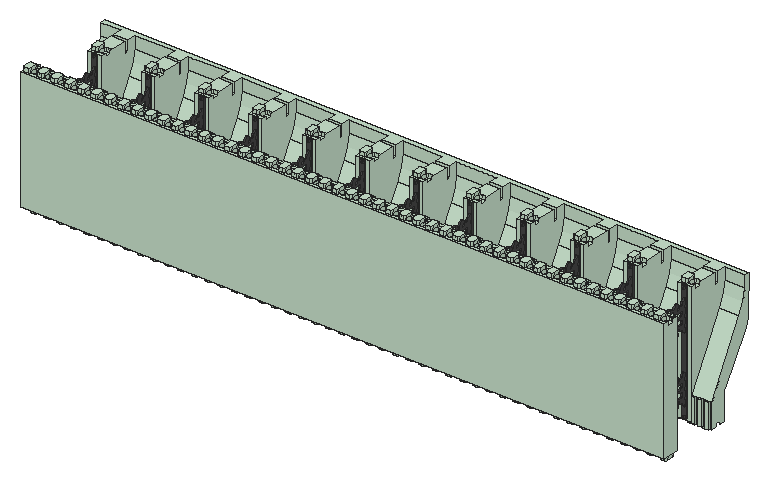
Revit family (continued)
Forms (in)
  Extrusion 50, void
    sketch origin (94, 0, 0) x (-1, 0, 0) y (0, -1, 0)
      loop
        arc (1.17308, -3.73905) -> (1.04785, -3.82983) -> (1, -3.97692) r 0.25
        line (1, -3.97692) -> (1, -4.89808)
    from 18 to 17.5
  Extrusion 51, void
    sketch origin (86, 0, 0) x (-1, 0, 0) y (0, -1, 0)
      loop
        arc (1, -4.89808) -> (1.04785, -5.04517) -> (1.17308, -5.13595) r 0.25
        arc (1.17308, -5.13595) -> (1.5, -5.1875) -> (1.82692, -5.13595) r 1.0625
        arc (1.82692, -5.13595) -> (1.95215, -5.04517) -> (2, -4.89808) r 0.25
        line (2, -4.89808) -> (2, -3.97692)
        arc (2, -3.97692) -> (1.98276, -3.88568) -> (1.9334, -3.80702) r 0.25
        arc (1.9334, -3.80702) -> (1.92106, -3.78736) -> (1.91675, -3.76455) r 0.0625
        line (1.91675, -3.76455) -> (1.91675, -3.41845) -> (1.74592, -3.41845) -> (1.74592, -3.64005)
        arc (1.74592, -3.64005) -> (1.72385, -3.68771) -> (1.67323, -3.70172) r 0.0625
        arc (1.67323, -3.70172) -> (1.42092, -3.69045) -> (1.17308, -3.73905) r 1.0625
        arc (1.17308, -3.73905) -> (1.04785, -3.82983) -> (1, -3.97692) r 0.25
        line (1, -3.97692) -> (1, -4.89808)
    from 18 to 17.5
  Extrusion 52, void
    sketch origin (78, 0, 0) x (-1, 0, 0) y (0, -1, 0)
      loop
        arc (1, -4.89808) -> (1.04785, -5.04517) -> (1.17308, -5.13595) r 0.25
        arc (1.17308, -5.13595) -> (1.5, -5.1875) -> (1.82692, -5.13595) r 1.0625
        arc (1.82692, -5.13595) -> (1.95215, -5.04517) -> (2, -4.89808) r 0.25
        line (2, -4.89808) -> (2, -3.97692)
        arc (2, -3.97692) -> (1.98276, -3.88568) -> (1.9334, -3.80702) r 0.25
        arc (1.9334, -3.80702) -> (1.92106, -3.78736) -> (1.91675, -3.76455) r 0.0625
        line (1.91675, -3.76455) -> (1.91675, -3.41845) -> (1.74592, -3.41845) -> (1.74592, -3.64005)
        arc (1.74592, -3.64005) -> (1.72385, -3.68771) -> (1.67323, -3.70172) r 0.0625
        arc (1.67323, -3.70172) -> (1.42092, -3.69045) -> (1.17308, -3.73905) r 1.0625
        arc (1.17308, -3.73905) -> (1.04785, -3.82983) -> (1, -3.97692) r 0.25
        line (1, -3.97692) -> (1, -4.89808)
    from 18 to 17.5
  Extrusion 53, void
    sketch origin (70, 0, 0) x (-1, 0, 0) y (0, -1, 0)
      loop
        arc (1, -4.89808) -> (1.04785, -5.04517) -> (1.17308, -5.13595) r 0.25
        arc (1.17308, -5.13595) -> (1.5, -5.1875) -> (1.82692, -5.13595) r 1.0625
        arc (1.82692, -5.13595) -> (1.95215, -5.04517) -> (2, -4.89808) r 0.25
        line (2, -4.89808) -> (2, -3.97692)
        arc (2, -3.97692) -> (1.98276, -3.88568) -> (1.9334, -3.80702) r 0.25
        arc (1.9334, -3.80702) -> (1.92106, -3.78736) -> (1.91675, -3.76455) r 0.0625
        line (1.91675, -3.76455) -> (1.91675, -3.41845) -> (1.74592, -3.41845) -> (1.74592, -3.64005)
        arc (1.74592, -3.64005) -> (1.72385, -3.68771) -> (1.67323, -3.70172) r 0.0625
        arc (1.67323, -3.70172) -> (1.42092, -3.69045) -> (1.17308, -3.73905) r 1.0625
        arc (1.17308, -3.73905) -> (1.04785, -3.82983) -> (1, -3.97692) r 0.25
        line (1, -3.97692) -> (1, -4.89808)
    from 18 to 17.5
  Extrusion 54, void
    sketch origin (62, 0, 0) x (-1, 0, 0) y (0, -1, 0)
      loop
        arc (1, -4.89808) -> (1.04785, -5.04517) -> (1.17308, -5.13595) r 0.25
        arc (1.17308, -5.13595) -> (1.5, -5.1875) -> (1.82692, -5.13595) r 1.0625
        arc (1.82692, -5.13595) -> (1.95215, -5.04517) -> (2, -4.89808) r 0.25
        line (2, -4.89808) -> (2, -3.97692)
        arc (2, -3.97692) -> (1.98276, -3.88568) -> (1.9334, -3.80702) r 0.25
        arc (1.9334, -3.80702) -> (1.92106, -3.78736) -> (1.91675, -3.76455) r 0.0625
        line (1.91675, -3.76455) -> (1.91675, -3.41845) -> (1.74592, -3.41845) -> (1.74592, -3.64005)
        arc (1.74592, -3.64005) -> (1.72385, -3.68771) -> (1.67323, -3.70172) r 0.0625
        arc (1.67323, -3.70172) -> (1.42092, -3.69045) -> (1.17308, -3.73905) r 1.0625
        arc (1.17308, -3.73905) -> (1.04785, -3.82983) -> (1, -3.97692) r 0.25
        line (1, -3.97692) -> (1, -4.89808)
    from 18 to 17.5
  Extrusion 55, void
    sketch origin (54, 0, 0) x (-1, 0, 0) y (0, -1, 0)
      loop
        arc (1, -4.89808) -> (1.04785, -5.04517) -> (1.17308, -5.13595) r 0.25
        arc (1.17308, -5.13595) -> (1.5, -5.1875) -> (1.82692, -5.13595) r 1.0625
        arc (1.82692, -5.13595) -> (1.95215, -5.04517) -> (2, -4.89808) r 0.25
        line (2, -4.89808) -> (2, -3.97692)
        arc (2, -3.97692) -> (1.98276, -3.88568) -> (1.9334, -3.80702) r 0.25
        arc (1.9334, -3.80702) -> (1.92106, -3.78736) -> (1.91675, -3.76455) r 0.0625
        line (1.91675, -3.76455) -> (1.91675, -3.41845) -> (1.74592, -3.41845) -> (1.74592, -3.64005)
        arc (1.74592, -3.64005) -> (1.72385, -3.68771) -> (1.67323, -3.70172) r 0.0625
        arc (1.67323, -3.70172) -> (1.42092, -3.69045) -> (1.17308, -3.73905) r 1.0625
        arc (1.17308, -3.73905) -> (1.04785, -3.82983) -> (1, -3.97692) r 0.25
        line (1, -3.97692) -> (1, -4.89808)
    from 18 to 17.5
  Extrusion 56, void
    sketch origin (46, 0, 0) x (-1, 0, 0) y (0, -1, 0)
      loop
        arc (1, -4.89808) -> (1.04785, -5.04517) -> (1.17308, -5.13595) r 0.25
        arc (1.17308, -5.13595) -> (1.5, -5.1875) -> (1.82692, -5.13595) r 1.0625
        arc (1.82692, -5.13595) -> (1.95215, -5.04517) -> (2, -4.89808) r 0.25
        line (2, -4.89808) -> (2, -3.97692)
        arc (2, -3.97692) -> (1.98276, -3.88568) -> (1.9334, -3.80702) r 0.25
        arc (1.9334, -3.80702) -> (1.92106, -3.78736) -> (1.91675, -3.76455) r 0.0625
        line (1.91675, -3.76455) -> (1.91675, -3.41845) -> (1.74592, -3.41845) -> (1.74592, -3.64005)
        arc (1.74592, -3.64005) -> (1.72385, -3.68771) -> (1.67323, -3.70172) r 0.0625
        arc (1.67323, -3.70172) -> (1.42092, -3.69045) -> (1.17308, -3.73905) r 1.0625
        arc (1.17308, -3.73905) -> (1.04785, -3.82983) -> (1, -3.97692) r 0.25
        line (1, -3.97692) -> (1, -4.89808)
    from 18 to 17.5
  Extrusion 57, void
    sketch origin (38, 0, 0) x (-1, 0, 0) y (0, -1, 0)
      loop
        arc (1, -4.89808) -> (1.04785, -5.04517) -> (1.17308, -5.13595) r 0.25
        arc (1.17308, -5.13595) -> (1.5, -5.1875) -> (1.82692, -5.13595) r 1.0625
        arc (1.82692, -5.13595) -> (1.95215, -5.04517) -> (2, -4.89808) r 0.25
        line (2, -4.89808) -> (2, -3.97692)
        arc (2, -3.97692) -> (1.98276, -3.88568) -> (1.9334, -3.80702) r 0.25
        arc (1.9334, -3.80702) -> (1.92106, -3.78736) -> (1.91675, -3.76455) r 0.0625
        line (1.91675, -3.76455) -> (1.91675, -3.41845) -> (1.74592, -3.41845) -> (1.74592, -3.64005)
        arc (1.74592, -3.64005) -> (1.72385, -3.68771) -> (1.67323, -3.70172) r 0.0625
        arc (1.67323, -3.70172) -> (1.42092, -3.69045) -> (1.17308, -3.73905) r 1.0625
        arc (1.17308, -3.73905) -> (1.04785, -3.82983) -> (1, -3.97692) r 0.25
        line (1, -3.97692) -> (1, -4.89808)
    from 18 to 17.5
  Extrusion 58, void
    sketch origin (30, 0, 0) x (-1, 0, 0) y (0, -1, 0)
      loop
        arc (1, -4.89808) -> (1.04785, -5.04517) -> (1.17308, -5.13595) r 0.25
        arc (1.17308, -5.13595) -> (1.5, -5.1875) -> (1.82692, -5.13595) r 1.0625
        arc (1.82692, -5.13595) -> (1.95215, -5.04517) -> (2, -4.89808) r 0.25
        line (2, -4.89808) -> (2, -3.97692)
        arc (2, -3.97692) -> (1.98276, -3.88568) -> (1.9334, -3.80702) r 0.25
        arc (1.9334, -3.80702) -> (1.92106, -3.78736) -> (1.91675, -3.76455) r 0.0625
        line (1.91675, -3.76455) -> (1.91675, -3.41845) -> (1.74592, -3.41845) -> (1.74592, -3.64005)
        arc (1.74592, -3.64005) -> (1.72385, -3.68771) -> (1.67323, -3.70172) r 0.0625
        arc (1.67323, -3.70172) -> (1.42092, -3.69045) -> (1.17308, -3.73905) r 1.0625
        arc (1.17308, -3.73905) -> (1.04785, -3.82983) -> (1, -3.97692) r 0.25
        line (1, -3.97692) -> (1, -4.89808)
    from 18 to 17.5
  Extrusion 59, void
    sketch origin (22, 0, 0) x (-1, 0, 0) y (0, -1, 0)
      loop
        arc (1, -4.89808) -> (1.04785, -5.04517) -> (1.17308, -5.13595) r 0.25
        arc (1.17308, -5.13595) -> (1.5, -5.1875) -> (1.82692, -5.13595) r 1.0625
        arc (1.82692, -5.13595) -> (1.95215, -5.04517) -> (2, -4.89808) r 0.25
        line (2, -4.89808) -> (2, -3.97692)
        arc (2, -3.97692) -> (1.98276, -3.88568) -> (1.9334, -3.80702) r 0.25
        arc (1.9334, -3.80702) -> (1.92106, -3.78736) -> (1.91675, -3.76455) r 0.0625
        line (1.91675, -3.76455) -> (1.91675, -3.41845) -> (1.74592, -3.41845) -> (1.74592, -3.64005)
        arc (1.74592, -3.64005) -> (1.72385, -3.68771) -> (1.67323, -3.70172) r 0.0625
        arc (1.67323, -3.70172) -> (1.42092, -3.69045) -> (1.17308, -3.73905) r 1.0625
        arc (1.17308, -3.73905) -> (1.04785, -3.82983) -> (1, -3.97692) r 0.25
        line (1, -3.97692) -> (1, -4.89808)
    from 18 to 17.5
  Extrusion 60, void
    sketch origin (14, 0, 0) x (-1, 0, 0) y (0, -1, 0)
      loop
        arc (1, -4.89808) -> (1.04785, -5.04517) -> (1.17308, -5.13595) r 0.25
        arc (1.17308, -5.13595) -> (1.5, -5.1875) -> (1.82692, -5.13595) r 1.0625
        arc (1.82692, -5.13595) -> (1.95215, -5.04517) -> (2, -4.89808) r 0.25
        line (2, -4.89808) -> (2, -3.97692)
        arc (2, -3.97692) -> (1.98276, -3.88568) -> (1.9334, -3.80702) r 0.25
        arc (1.9334, -3.80702) -> (1.92106, -3.78736) -> (1.91675, -3.76455) r 0.0625
        line (1.91675, -3.76455) -> (1.91675, -3.41845) -> (1.74592, -3.41845) -> (1.74592, -3.64005)
        arc (1.74592, -3.64005) -> (1.72385, -3.68771) -> (1.67323, -3.70172) r 0.0625
        arc (1.67323, -3.70172) -> (1.42092, -3.69045) -> (1.17308, -3.73905) r 1.0625
        arc (1.17308, -3.73905) -> (1.04785, -3.82983) -> (1, -3.97692) r 0.25
        line (1, -3.97692) -> (1, -4.89808)
    from 18 to 17.5
  Extrusion 61, void
    sketch origin (6, 0, 0) x (-1, 0, 0) y (0, -1, 0)
      loop
        arc (1, -4.89808) -> (1.04785, -5.04517) -> (1.17308, -5.13595) r 0.25
        arc (1.17308, -5.13595) -> (1.5, -5.1875) -> (1.82692, -5.13595) r 1.0625
        arc (1.82692, -5.13595) -> (1.95215, -5.04517) -> (2, -4.89808) r 0.25
        line (2, -4.89808) -> (2, -3.97692)
        arc (2, -3.97692) -> (1.98276, -3.88568) -> (1.9334, -3.80702) r 0.25
        arc (1.9334, -3.80702) -> (1.92106, -3.78736) -> (1.91675, -3.76455) r 0.0625
        line (1.91675, -3.76455) -> (1.91675, -3.41845) -> (1.74592, -3.41845) -> (1.74592, -3.64005)
        arc (1.74592, -3.64005) -> (1.72385, -3.68771) -> (1.67323, -3.70172) r 0.0625
        arc (1.67323, -3.70172) -> (1.42092, -3.69045) -> (1.17308, -3.73905) r 1.0625
        arc (1.17308, -3.73905) -> (1.04785, -3.82983) -> (1, -3.97692) r 0.25
        line (1, -3.97692) -> (1, -4.89808)
    from 18 to 17.5
  Extrusion 62, void
    sketch origin (2, 0, 0) x (-1, 0, 0) y (0, -1, 0)
      loop
        line (1, 4.89808) -> (1, 3.97692)
        arc (1, 3.97692) -> (1.04785, 3.82983) -> (1.17308, 3.73905) r 0.25
        arc (1.17308, 3.73905) -> (1.42092, 3.69045) -> (1.67323, 3.70172) r 1.0625
        arc (1.67323, 3.70172) -> (1.72385, 3.68771) -> (1.74592, 3.64005) r 0.0625
        line (1.74592, 3.64005) -> (1.74592, 3.41845) -> (1.91675, 3.41845) -> (1.91675, 3.76455)
        arc (1.91675, 3.76455) -> (1.92106, 3.78736) -> (1.9334, 3.80702) r 0.0625
        arc (1.9334, 3.80702) -> (1.98276, 3.88568) -> (2, 3.97692) r 0.25
        line (2, 3.97692) -> (2, 4.89808)
        arc (2, 4.89808) -> (1.95215, 5.04517) -> (1.82692, 5.13595) r 0.25
        arc (1.82692, 5.13595) -> (1.5, 5.1875) -> (1.17308, 5.13595) r 1.0625
        arc (1.17308, 5.13595) -> (1.04785, 5.04517) -> (1, 4.89808) r 0.25
    from 0 to 0.5
  Extrusion 63, void
    sketch origin (4, 0, 0) x (-1, 0, 0) y (0, -1, 0)
      loop
        line (1, 4.89808) -> (1, 3.97692)
        arc (1, 3.97692) -> (1.04785, 3.82983) -> (1.17308, 3.73905) r 0.25
        arc (1.17308, 3.73905) -> (1.42092, 3.69045) -> (1.67323, 3.70172) r 1.0625
        arc (1.67323, 3.70172) -> (1.72385, 3.68771) -> (1.74592, 3.64005) r 0.0625
        line (1.74592, 3.64005) -> (1.74592, 3.41845) -> (1.91675, 3.41845) -> (1.91675, 3.76455)
        arc (1.91675, 3.76455) -> (1.92106, 3.78736) -> (1.9334, 3.80702) r 0.0625
        arc (1.9334, 3.80702) -> (1.98276, 3.88568) -> (2, 3.97692) r 0.25
        line (2, 3.97692) -> (2, 4.89808)
        arc (2, 4.89808) -> (1.95215, 5.04517) -> (1.82692, 5.13595) r 0.25
        arc (1.82692, 5.13595) -> (1.5, 5.1875) -> (1.17308, 5.13595) r 1.0625
        arc (1.17308, 5.13595) -> (1.04785, 5.04517) -> (1, 4.89808) r 0.25
    from 0 to 0.5
  Extrusion 64, void
    sketch origin (6, 0, 0) x (-1, 0, 0) y (0, -1, 0)
      loop
        line (1, 4.89808) -> (1, 3.97692)
        arc (1, 3.97692) -> (1.04785, 3.82983) -> (1.17308, 3.73905) r 0.25
        arc (1.17308, 3.73905) -> (1.42092, 3.69045) -> (1.67323, 3.70172) r 1.0625
        arc (1.67323, 3.70172) -> (1.72385, 3.68771) -> (1.74592, 3.64005) r 0.0625
        line (1.74592, 3.64005) -> (1.74592, 3.41845) -> (1.91675, 3.41845) -> (1.91675, 3.76455)
        arc (1.91675, 3.76455) -> (1.92106, 3.78736) -> (1.9334, 3.80702) r 0.0625
        arc (1.9334, 3.80702) -> (1.98276, 3.88568) -> (2, 3.97692) r 0.25
        line (2, 3.97692) -> (2, 4.89808)
        arc (2, 4.89808) -> (1.95215, 5.04517) -> (1.82692, 5.13595) r 0.25
        arc (1.82692, 5.13595) -> (1.5, 5.1875) -> (1.17308, 5.13595) r 1.0625
        arc (1.17308, 5.13595) -> (1.04785, 5.04517) -> (1, 4.89808) r 0.25
    from 0 to 0.5
  Extrusion 65, void
    sketch origin (8, 0, 0) x (-1, 0, 0) y (0, -1, 0)
      loop
        line (1, 4.89808) -> (1, 3.97692)
        arc (1, 3.97692) -> (1.04785, 3.82983) -> (1.17308, 3.73905) r 0.25
        arc (1.17308, 3.73905) -> (1.42092, 3.69045) -> (1.67323, 3.70172) r 1.0625
        arc (1.67323, 3.70172) -> (1.72385, 3.68771) -> (1.74592, 3.64005) r 0.0625
        line (1.74592, 3.64005) -> (1.74592, 3.41845) -> (1.91675, 3.41845) -> (1.91675, 3.76455)
        arc (1.91675, 3.76455) -> (1.92106, 3.78736) -> (1.9334, 3.80702) r 0.0625
        arc (1.9334, 3.80702) -> (1.98276, 3.88568) -> (2, 3.97692) r 0.25
        line (2, 3.97692) -> (2, 4.89808)
        arc (2, 4.89808) -> (1.95215, 5.04517) -> (1.82692, 5.13595) r 0.25
        arc (1.82692, 5.13595) -> (1.5, 5.1875) -> (1.17308, 5.13595) r 1.0625
        arc (1.17308, 5.13595) -> (1.04785, 5.04517) -> (1, 4.89808) r 0.25
    from 0 to 0.5
  Extrusion 66, void
    sketch origin (10, 0, 0) x (-1, 0, 0) y (0, -1, 0)
      loop
        line (1, 4.89808) -> (1, 3.97692)
        arc (1, 3.97692) -> (1.04785, 3.82983) -> (1.17308, 3.73905) r 0.25
        arc (1.17308, 3.73905) -> (1.42092, 3.69045) -> (1.67323, 3.70172) r 1.0625
        arc (1.67323, 3.70172) -> (1.72385, 3.68771) -> (1.74592, 3.64005) r 0.0625
        line (1.74592, 3.64005) -> (1.74592, 3.41845) -> (1.91675, 3.41845) -> (1.91675, 3.76455)
        arc (1.91675, 3.76455) -> (1.92106, 3.78736) -> (1.9334, 3.80702) r 0.0625
        arc (1.9334, 3.80702) -> (1.98276, 3.88568) -> (2, 3.97692) r 0.25
        line (2, 3.97692) -> (2, 4.89808)
        arc (2, 4.89808) -> (1.95215, 5.04517) -> (1.82692, 5.13595) r 0.25
        arc (1.82692, 5.13595) -> (1.5, 5.1875) -> (1.17308, 5.13595) r 1.0625
        arc (1.17308, 5.13595) -> (1.04785, 5.04517) -> (1, 4.89808) r 0.25
    from 0 to 0.5
  Extrusion 67, void
    sketch origin (12, 0, 0) x (-1, 0, 0) y (0, -1, 0)
      loop
        line (1, 4.89808) -> (1, 3.97692)
        arc (1, 3.97692) -> (1.04785, 3.82983) -> (1.17308, 3.73905) r 0.25
        arc (1.17308, 3.73905) -> (1.42092, 3.69045) -> (1.67323, 3.70172) r 1.0625
        arc (1.67323, 3.70172) -> (1.72385, 3.68771) -> (1.74592, 3.64005) r 0.0625
        line (1.74592, 3.64005) -> (1.74592, 3.41845) -> (1.91675, 3.41845) -> (1.91675, 3.76455)
        arc (1.91675, 3.76455) -> (1.92106, 3.78736) -> (1.9334, 3.80702) r 0.0625
        arc (1.9334, 3.80702) -> (1.98276, 3.88568) -> (2, 3.97692) r 0.25
        line (2, 3.97692) -> (2, 4.89808)
        arc (2, 4.89808) -> (1.95215, 5.04517) -> (1.82692, 5.13595) r 0.25
        arc (1.82692, 5.13595) -> (1.5, 5.1875) -> (1.17308, 5.13595) r 1.0625
        arc (1.17308, 5.13595) -> (1.04785, 5.04517) -> (1, 4.89808) r 0.25
    from 0 to 0.5
  Extrusion 68, void
    sketch origin (14, 0, 0) x (-1, 0, 0) y (0, -1, 0)
      loop
        line (1, 4.89808) -> (1, 3.97692)
        arc (1, 3.97692) -> (1.04785, 3.82983) -> (1.17308, 3.73905) r 0.25
        arc (1.17308, 3.73905) -> (1.42092, 3.69045) -> (1.67323, 3.70172) r 1.0625
        arc (1.67323, 3.70172) -> (1.72385, 3.68771) -> (1.74592, 3.64005) r 0.0625
        line (1.74592, 3.64005) -> (1.74592, 3.41845) -> (1.91675, 3.41845) -> (1.91675, 3.76455)
        arc (1.91675, 3.76455) -> (1.92106, 3.78736) -> (1.9334, 3.80702) r 0.0625
        arc (1.9334, 3.80702) -> (1.98276, 3.88568) -> (2, 3.97692) r 0.25
        line (2, 3.97692) -> (2, 4.89808)
        arc (2, 4.89808) -> (1.95215, 5.04517) -> (1.82692, 5.13595) r 0.25
        arc (1.82692, 5.13595) -> (1.5, 5.1875) -> (1.17308, 5.13595) r 1.0625
        arc (1.17308, 5.13595) -> (1.04785, 5.04517) -> (1, 4.89808) r 0.25
    from 0 to 0.5
  Extrusion 69, void
    sketch origin (16, 0, 0) x (-1, 0, 0) y (0, -1, 0)
      loop
        line (1, 4.89808) -> (1, 3.97692)
        arc (1, 3.97692) -> (1.04785, 3.82983) -> (1.17308, 3.73905) r 0.25
        arc (1.17308, 3.73905) -> (1.42092, 3.69045) -> (1.67323, 3.70172) r 1.0625
        arc (1.67323, 3.70172) -> (1.72385, 3.68771) -> (1.74592, 3.64005) r 0.0625
        line (1.74592, 3.64005) -> (1.74592, 3.41845) -> (1.91675, 3.41845) -> (1.91675, 3.76455)
        arc (1.91675, 3.76455) -> (1.92106, 3.78736) -> (1.9334, 3.80702) r 0.0625
        arc (1.9334, 3.80702) -> (1.98276, 3.88568) -> (2, 3.97692) r 0.25
        line (2, 3.97692) -> (2, 4.89808)
        arc (2, 4.89808) -> (1.95215, 5.04517) -> (1.82692, 5.13595) r 0.25
        arc (1.82692, 5.13595) -> (1.5, 5.1875) -> (1.17308, 5.13595) r 1.0625
        arc (1.17308, 5.13595) -> (1.04785, 5.04517) -> (1, 4.89808) r 0.25
    from 0 to 0.5
  Extrusion 70, void
    sketch origin (18, 0, 0) x (-1, 0, 0) y (0, -1, 0)
      loop
        line (1, 4.89808) -> (1, 3.97692)
        arc (1, 3.97692) -> (1.04785, 3.82983) -> (1.17308, 3.73905) r 0.25
        arc (1.17308, 3.73905) -> (1.42092, 3.69045) -> (1.67323, 3.70172) r 1.0625
        arc (1.67323, 3.70172) -> (1.72385, 3.68771) -> (1.74592, 3.64005) r 0.0625
        line (1.74592, 3.64005) -> (1.74592, 3.41845) -> (1.91675, 3.41845) -> (1.91675, 3.76455)
        arc (1.91675, 3.76455) -> (1.92106, 3.78736) -> (1.9334, 3.80702) r 0.0625
        arc (1.9334, 3.80702) -> (1.98276, 3.88568) -> (2, 3.97692) r 0.25
        line (2, 3.97692) -> (2, 4.89808)
        arc (2, 4.89808) -> (1.95215, 5.04517) -> (1.82692, 5.13595) r 0.25
        arc (1.82692, 5.13595) -> (1.5, 5.1875) -> (1.17308, 5.13595) r 1.0625
        arc (1.17308, 5.13595) -> (1.04785, 5.04517) -> (1, 4.89808) r 0.25
    from 0 to 0.5
  Extrusion 71, void
    sketch origin (20, 0, 0) x (-1, 0, 0) y (0, -1, 0)
      loop
        line (1, 4.89808) -> (1, 3.97692)
        arc (1, 3.97692) -> (1.04785, 3.82983) -> (1.17308, 3.73905) r 0.25
        arc (1.17308, 3.73905) -> (1.42092, 3.69045) -> (1.67323, 3.70172) r 1.0625
        arc (1.67323, 3.70172) -> (1.72385, 3.68771) -> (1.74592, 3.64005) r 0.0625
        line (1.74592, 3.64005) -> (1.74592, 3.41845) -> (1.91675, 3.41845) -> (1.91675, 3.76455)
        arc (1.91675, 3.76455) -> (1.92106, 3.78736) -> (1.9334, 3.80702) r 0.0625
        arc (1.9334, 3.80702) -> (1.98276, 3.88568) -> (2, 3.97692) r 0.25
        line (2, 3.97692) -> (2, 4.89808)
        arc (2, 4.89808) -> (1.95215, 5.04517) -> (1.82692, 5.13595) r 0.25
        arc (1.82692, 5.13595) -> (1.5, 5.1875) -> (1.17308, 5.13595) r 1.0625
        arc (1.17308, 5.13595) -> (1.04785, 5.04517) -> (1, 4.89808) r 0.25
    from 0 to 0.5
  Extrusion 72, void
    sketch origin (22, 0, 0) x (-1, 0, 0) y (0, -1, 0)
      loop
        line (1, 4.89808) -> (1, 3.97692)
        arc (1, 3.97692) -> (1.04785, 3.82983) -> (1.17308, 3.73905) r 0.25
        arc (1.17308, 3.73905) -> (1.42092, 3.69045) -> (1.67323, 3.70172) r 1.0625
        arc (1.67323, 3.70172) -> (1.72385, 3.68771) -> (1.74592, 3.64005) r 0.0625
        line (1.74592, 3.64005) -> (1.74592, 3.41845) -> (1.91675, 3.41845) -> (1.91675, 3.76455)
        arc (1.91675, 3.76455) -> (1.92106, 3.78736) -> (1.9334, 3.80702) r 0.0625
        arc (1.9334, 3.80702) -> (1.98276, 3.88568) -> (2, 3.97692) r 0.25
        line (2, 3.97692) -> (2, 4.89808)
        arc (2, 4.89808) -> (1.95215, 5.04517) -> (1.82692, 5.13595) r 0.25
        arc (1.82692, 5.13595) -> (1.5, 5.1875) -> (1.17308, 5.13595) r 1.0625
        arc (1.17308, 5.13595) -> (1.04785, 5.04517) -> (1, 4.89808) r 0.25
    from 0 to 0.5
  Extrusion 73, void
    sketch origin (24, 0, 0) x (-1, 0, 0) y (0, -1, 0)
      loop
        line (1, 4.89808) -> (1, 3.97692)
        arc (1, 3.97692) -> (1.04785, 3.82983) -> (1.17308, 3.73905) r 0.25
        arc (1.17308, 3.73905) -> (1.42092, 3.69045) -> (1.67323, 3.70172) r 1.0625
        arc (1.67323, 3.70172) -> (1.72385, 3.68771) -> (1.74592, 3.64005) r 0.0625
        line (1.74592, 3.64005) -> (1.74592, 3.41845) -> (1.91675, 3.41845) -> (1.91675, 3.76455)
        arc (1.91675, 3.76455) -> (1.92106, 3.78736) -> (1.9334, 3.80702) r 0.0625
        arc (1.9334, 3.80702) -> (1.98276, 3.88568) -> (2, 3.97692) r 0.25
        line (2, 3.97692) -> (2, 4.89808)
        arc (2, 4.89808) -> (1.95215, 5.04517) -> (1.82692, 5.13595) r 0.25
        arc (1.82692, 5.13595) -> (1.5, 5.1875) -> (1.17308, 5.13595) r 1.0625
        arc (1.17308, 5.13595) -> (1.04785, 5.04517) -> (1, 4.89808) r 0.25
    from 0 to 0.5
  Extrusion 74, void
    sketch origin (26, 0, 0) x (-1, 0, 0) y (0, -1, 0)
      loop
        line (1, 4.89808) -> (1, 3.97692)
        arc (1, 3.97692) -> (1.04785, 3.82983) -> (1.17308, 3.73905) r 0.25
        arc (1.17308, 3.73905) -> (1.42092, 3.69045) -> (1.67323, 3.70172) r 1.0625
        arc (1.67323, 3.70172) -> (1.72385, 3.68771) -> (1.74592, 3.64005) r 0.0625
        line (1.74592, 3.64005) -> (1.74592, 3.41845) -> (1.91675, 3.41845) -> (1.91675, 3.76455)
        arc (1.91675, 3.76455) -> (1.92106, 3.78736) -> (1.9334, 3.80702) r 0.0625
        arc (1.9334, 3.80702) -> (1.98276, 3.88568) -> (2, 3.97692) r 0.25
        line (2, 3.97692) -> (2, 4.89808)
        arc (2, 4.89808) -> (1.95215, 5.04517) -> (1.82692, 5.13595) r 0.25
        arc (1.82692, 5.13595) -> (1.5, 5.1875) -> (1.17308, 5.13595) r 1.0625
        arc (1.17308, 5.13595) -> (1.04785, 5.04517) -> (1, 4.89808) r 0.25
    from 0 to 0.5
  Extrusion 75, void
    sketch origin (28, 0, 0) x (-1, 0, 0) y (0, -1, 0)
      loop
        line (1, 4.89808) -> (1, 3.97692)
        arc (1, 3.97692) -> (1.04785, 3.82983) -> (1.17308, 3.73905) r 0.25
        arc (1.17308, 3.73905) -> (1.42092, 3.69045) -> (1.67323, 3.70172) r 1.0625
        arc (1.67323, 3.70172) -> (1.72385, 3.68771) -> (1.74592, 3.64005) r 0.0625
        line (1.74592, 3.64005) -> (1.74592, 3.41845) -> (1.91675, 3.41845) -> (1.91675, 3.76455)
        arc (1.91675, 3.76455) -> (1.92106, 3.78736) -> (1.9334, 3.80702) r 0.0625
        arc (1.9334, 3.80702) -> (1.98276, 3.88568) -> (2, 3.97692) r 0.25
        line (2, 3.97692) -> (2, 4.89808)
        arc (2, 4.89808) -> (1.95215, 5.04517) -> (1.82692, 5.13595) r 0.25
        arc (1.82692, 5.13595) -> (1.5, 5.1875) -> (1.17308, 5.13595) r 1.0625
        arc (1.17308, 5.13595) -> (1.04785, 5.04517) -> (1, 4.89808) r 0.25
    from 0 to 0.5
  Extrusion 76, void
    sketch origin (30, 0, 0) x (-1, 0, 0) y (0, -1, 0)
      loop
        line (1, 4.89808) -> (1, 3.97692)
        arc (1, 3.97692) -> (1.04785, 3.82983) -> (1.17308, 3.73905) r 0.25
        arc (1.17308, 3.73905) -> (1.42092, 3.69045) -> (1.67323, 3.70172) r 1.0625
        arc (1.67323, 3.70172) -> (1.72385, 3.68771) -> (1.74592, 3.64005) r 0.0625
        line (1.74592, 3.64005) -> (1.74592, 3.41845) -> (1.91675, 3.41845) -> (1.91675, 3.76455)
        arc (1.91675, 3.76455) -> (1.92106, 3.78736) -> (1.9334, 3.80702) r 0.0625
        arc (1.9334, 3.80702) -> (1.98276, 3.88568) -> (2, 3.97692) r 0.25
        line (2, 3.97692) -> (2, 4.89808)
        arc (2, 4.89808) -> (1.95215, 5.04517) -> (1.82692, 5.13595) r 0.25
        arc (1.82692, 5.13595) -> (1.5, 5.1875) -> (1.17308, 5.13595) r 1.0625
        arc (1.17308, 5.13595) -> (1.04785, 5.04517) -> (1, 4.89808) r 0.25
    from 0 to 0.5
  Extrusion 77, void
    sketch origin (32, 0, 0) x (-1, 0, 0) y (0, -1, 0)
      loop
        line (1, 4.89808) -> (1, 3.97692)
        arc (1, 3.97692) -> (1.04785, 3.82983) -> (1.17308, 3.73905) r 0.25
        arc (1.17308, 3.73905) -> (1.42092, 3.69045) -> (1.67323, 3.70172) r 1.0625
        arc (1.67323, 3.70172) -> (1.72385, 3.68771) -> (1.74592, 3.64005) r 0.0625
        line (1.74592, 3.64005) -> (1.74592, 3.41845) -> (1.91675, 3.41845) -> (1.91675, 3.76455)
        arc (1.91675, 3.76455) -> (1.92106, 3.78736) -> (1.9334, 3.80702) r 0.0625
        arc (1.9334, 3.80702) -> (1.98276, 3.88568) -> (2, 3.97692) r 0.25
        line (2, 3.97692) -> (2, 4.89808)
        arc (2, 4.89808) -> (1.95215, 5.04517) -> (1.82692, 5.13595) r 0.25
        arc (1.82692, 5.13595) -> (1.5, 5.1875) -> (1.17308, 5.13595) r 1.0625
        arc (1.17308, 5.13595) -> (1.04785, 5.04517) -> (1, 4.89808) r 0.25
    from 0 to 0.5
  Extrusion 78, void
    sketch origin (34, 0, 0) x (-1, 0, 0) y (0, -1, 0)
      loop
        line (1, 4.89808) -> (1, 3.97692)
        arc (1, 3.97692) -> (1.04785, 3.82983) -> (1.17308, 3.73905) r 0.25
        arc (1.17308, 3.73905) -> (1.42092, 3.69045) -> (1.67323, 3.70172) r 1.0625
        arc (1.67323, 3.70172) -> (1.72385, 3.68771) -> (1.74592, 3.64005) r 0.0625
        line (1.74592, 3.64005) -> (1.74592, 3.41845) -> (1.91675, 3.41845) -> (1.91675, 3.76455)
        arc (1.91675, 3.76455) -> (1.92106, 3.78736) -> (1.9334, 3.80702) r 0.0625
        arc (1.9334, 3.80702) -> (1.98276, 3.88568) -> (2, 3.97692) r 0.25
        line (2, 3.97692) -> (2, 4.89808)
        arc (2, 4.89808) -> (1.95215, 5.04517) -> (1.82692, 5.13595) r 0.25
        arc (1.82692, 5.13595) -> (1.5, 5.1875) -> (1.17308, 5.13595) r 1.0625
        arc (1.17308, 5.13595) -> (1.04785, 5.04517) -> (1, 4.89808) r 0.25
    from 0 to 0.5
  Extrusion 79, void
    sketch origin (36, 0, 0) x (-1, 0, 0) y (0, -1, 0)
      loop
        line (1, 4.89808) -> (1, 3.97692)
        arc (1, 3.97692) -> (1.04785, 3.82983) -> (1.17308, 3.73905) r 0.25
        arc (1.17308, 3.73905) -> (1.42092, 3.69045) -> (1.67323, 3.70172) r 1.0625
        arc (1.67323, 3.70172) -> (1.72385, 3.68771) -> (1.74592, 3.64005) r 0.0625
        line (1.74592, 3.64005) -> (1.74592, 3.41845) -> (1.91675, 3.41845) -> (1.91675, 3.76455)
        arc (1.91675, 3.76455) -> (1.92106, 3.78736) -> (1.9334, 3.80702) r 0.0625
        arc (1.9334, 3.80702) -> (1.98276, 3.88568) -> (2, 3.97692) r 0.25
        line (2, 3.97692) -> (2, 4.89808)
        arc (2, 4.89808) -> (1.95215, 5.04517) -> (1.82692, 5.13595) r 0.25
        arc (1.82692, 5.13595) -> (1.5, 5.1875) -> (1.17308, 5.13595) r 1.0625
        arc (1.17308, 5.13595) -> (1.04785, 5.04517) -> (1, 4.89808) r 0.25
    from 0 to 0.5
  Extrusion 80, void
    sketch origin (38, 0, 0) x (-1, 0, 0) y (0, -1, 0)
      loop
        line (1, 4.89808) -> (1, 3.97692)
        arc (1, 3.97692) -> (1.04785, 3.82983) -> (1.17308, 3.73905) r 0.25
        arc (1.17308, 3.73905) -> (1.42092, 3.69045) -> (1.67323, 3.70172) r 1.0625
        arc (1.67323, 3.70172) -> (1.72385, 3.68771) -> (1.74592, 3.64005) r 0.0625
        line (1.74592, 3.64005) -> (1.74592, 3.41845) -> (1.91675, 3.41845) -> (1.91675, 3.76455)
        arc (1.91675, 3.76455) -> (1.92106, 3.78736) -> (1.9334, 3.80702) r 0.0625
        arc (1.9334, 3.80702) -> (1.98276, 3.88568) -> (2, 3.97692) r 0.25
        line (2, 3.97692) -> (2, 4.89808)
        arc (2, 4.89808) -> (1.95215, 5.04517) -> (1.82692, 5.13595) r 0.25
        arc (1.82692, 5.13595) -> (1.5, 5.1875) -> (1.17308, 5.13595) r 1.0625
        arc (1.17308, 5.13595) -> (1.04785, 5.04517) -> (1, 4.89808) r 0.25
    from 0 to 0.5
  Extrusion 81, void
    sketch origin (40, 0, 0) x (-1, 0, 0) y (0, -1, 0)
      loop
        line (1, 4.89808) -> (1, 3.97692)
        arc (1, 3.97692) -> (1.04785, 3.82983) -> (1.17308, 3.73905) r 0.25
        arc (1.17308, 3.73905) -> (1.42092, 3.69045) -> (1.67323, 3.70172) r 1.0625
        arc (1.67323, 3.70172) -> (1.72385, 3.68771) -> (1.74592, 3.64005) r 0.0625
        line (1.74592, 3.64005) -> (1.74592, 3.41845) -> (1.91675, 3.41845) -> (1.91675, 3.76455)
        arc (1.91675, 3.76455) -> (1.92106, 3.78736) -> (1.9334, 3.80702) r 0.0625
        arc (1.9334, 3.80702) -> (1.98276, 3.88568) -> (2, 3.97692) r 0.25
        line (2, 3.97692) -> (2, 4.89808)
        arc (2, 4.89808) -> (1.95215, 5.04517) -> (1.82692, 5.13595) r 0.25
        arc (1.82692, 5.13595) -> (1.5, 5.1875) -> (1.17308, 5.13595) r 1.0625
        arc (1.17308, 5.13595) -> (1.04785, 5.04517) -> (1, 4.89808) r 0.25
    from 0 to 0.5
  Extrusion 82, void
    sketch origin (42, 0, 0) x (-1, 0, 0) y (0, -1, 0)
      loop
        line (1, 4.89808) -> (1, 3.97692)
        arc (1, 3.97692) -> (1.04785, 3.82983) -> (1.17308, 3.73905) r 0.25
        arc (1.17308, 3.73905) -> (1.42092, 3.69045) -> (1.67323, 3.70172) r 1.0625
        arc (1.67323, 3.70172) -> (1.72385, 3.68771) -> (1.74592, 3.64005) r 0.0625
        line (1.74592, 3.64005) -> (1.74592, 3.41845) -> (1.91675, 3.41845) -> (1.91675, 3.76455)
        arc (1.91675, 3.76455) -> (1.92106, 3.78736) -> (1.9334, 3.80702) r 0.0625
        arc (1.9334, 3.80702) -> (1.98276, 3.88568) -> (2, 3.97692) r 0.25
        line (2, 3.97692) -> (2, 4.89808)
        arc (2, 4.89808) -> (1.95215, 5.04517) -> (1.82692, 5.13595) r 0.25
        arc (1.82692, 5.13595) -> (1.5, 5.1875) -> (1.17308, 5.13595) r 1.0625
        arc (1.17308, 5.13595) -> (1.04785, 5.04517) -> (1, 4.89808) r 0.25
    from 0 to 0.5
  Extrusion 83, void
    sketch origin (44, 0, 0) x (-1, 0, 0) y (0, -1, 0)
      loop
        line (1, 4.89808) -> (1, 3.97692)
        arc (1, 3.97692) -> (1.04785, 3.82983) -> (1.17308, 3.73905) r 0.25
        arc (1.17308, 3.73905) -> (1.42092, 3.69045) -> (1.67323, 3.70172) r 1.0625
        arc (1.67323, 3.70172) -> (1.72385, 3.68771) -> (1.74592, 3.64005) r 0.0625
        line (1.74592, 3.64005) -> (1.74592, 3.41845) -> (1.91675, 3.41845) -> (1.91675, 3.76455)
        arc (1.91675, 3.76455) -> (1.92106, 3.78736) -> (1.9334, 3.80702) r 0.0625
        arc (1.9334, 3.80702) -> (1.98276, 3.88568) -> (2, 3.97692) r 0.25
        line (2, 3.97692) -> (2, 4.89808)
        arc (2, 4.89808) -> (1.95215, 5.04517) -> (1.82692, 5.13595) r 0.25
        arc (1.82692, 5.13595) -> (1.5, 5.1875) -> (1.17308, 5.13595) r 1.0625
        arc (1.17308, 5.13595) -> (1.04785, 5.04517) -> (1, 4.89808) r 0.25
    from 0 to 0.5
  Extrusion 84, void
    sketch origin (46, 0, 0) x (-1, 0, 0) y (0, -1, 0)
      loop
        line (1, 4.89808) -> (1, 3.97692)
        arc (1, 3.97692) -> (1.04785, 3.82983) -> (1.17308, 3.73905) r 0.25
        arc (1.17308, 3.73905) -> (1.42092, 3.69045) -> (1.67323, 3.70172) r 1.0625
        arc (1.67323, 3.70172) -> (1.72385, 3.68771) -> (1.74592, 3.64005) r 0.0625
        line (1.74592, 3.64005) -> (1.74592, 3.41845) -> (1.91675, 3.41845) -> (1.91675, 3.76455)
        arc (1.91675, 3.76455) -> (1.92106, 3.78736) -> (1.9334, 3.80702) r 0.0625
        arc (1.9334, 3.80702) -> (1.98276, 3.88568) -> (2, 3.97692) r 0.25
        line (2, 3.97692) -> (2, 4.89808)
        arc (2, 4.89808) -> (1.95215, 5.04517) -> (1.82692, 5.13595) r 0.25
        arc (1.82692, 5.13595) -> (1.5, 5.1875) -> (1.17308, 5.13595) r 1.0625
        arc (1.17308, 5.13595) -> (1.04785, 5.04517) -> (1, 4.89808) r 0.25
    from 0 to 0.5
  Extrusion 85, void
    sketch origin (48, 0, 0) x (-1, 0, 0) y (0, -1, 0)
      loop
        line (1, 4.89808) -> (1, 3.97692)
        arc (1, 3.97692) -> (1.04785, 3.82983) -> (1.17308, 3.73905) r 0.25
        arc (1.17308, 3.73905) -> (1.42092, 3.69045) -> (1.67323, 3.70172) r 1.0625
        arc (1.67323, 3.70172) -> (1.72385, 3.68771) -> (1.74592, 3.64005) r 0.0625
        line (1.74592, 3.64005) -> (1.74592, 3.41845) -> (1.91675, 3.41845) -> (1.91675, 3.76455)
        arc (1.91675, 3.76455) -> (1.92106, 3.78736) -> (1.9334, 3.80702) r 0.0625
        arc (1.9334, 3.80702) -> (1.98276, 3.88568) -> (2, 3.97692) r 0.25
        line (2, 3.97692) -> (2, 4.89808)
        arc (2, 4.89808) -> (1.95215, 5.04517) -> (1.82692, 5.13595) r 0.25
        arc (1.82692, 5.13595) -> (1.5, 5.1875) -> (1.17308, 5.13595) r 1.0625
        arc (1.17308, 5.13595) -> (1.04785, 5.04517) -> (1, 4.89808) r 0.25
    from 0 to 0.5
  Extrusion 86, void
    sketch origin (50, 0, 0) x (-1, 0, 0) y (0, -1, 0)
      loop
        line (1, 4.89808) -> (1, 3.97692)
        arc (1, 3.97692) -> (1.04785, 3.82983) -> (1.17308, 3.73905) r 0.25
        arc (1.17308, 3.73905) -> (1.42092, 3.69045) -> (1.67323, 3.70172) r 1.0625
        arc (1.67323, 3.70172) -> (1.72385, 3.68771) -> (1.74592, 3.64005) r 0.0625
        line (1.74592, 3.64005) -> (1.74592, 3.41845) -> (1.91675, 3.41845) -> (1.91675, 3.76455)
        arc (1.91675, 3.76455) -> (1.92106, 3.78736) -> (1.9334, 3.80702) r 0.0625
        arc (1.9334, 3.80702) -> (1.98276, 3.88568) -> (2, 3.97692) r 0.25
        line (2, 3.97692) -> (2, 4.89808)
        arc (2, 4.89808) -> (1.95215, 5.04517) -> (1.82692, 5.13595) r 0.25
        arc (1.82692, 5.13595) -> (1.5, 5.1875) -> (1.17308, 5.13595) r 1.0625
        arc (1.17308, 5.13595) -> (1.04785, 5.04517) -> (1, 4.89808) r 0.25
    from 0 to 0.5
  Extrusion 87, void
    sketch origin (52, 0, 0) x (-1, 0, 0) y (0, -1, 0)
      loop
        line (1, 4.89808) -> (1, 3.97692)
        arc (1, 3.97692) -> (1.04785, 3.82983) -> (1.17308, 3.73905) r 0.25
        arc (1.17308, 3.73905) -> (1.42092, 3.69045) -> (1.67323, 3.70172) r 1.0625
        arc (1.67323, 3.70172) -> (1.72385, 3.68771) -> (1.74592, 3.64005) r 0.0625
        line (1.74592, 3.64005) -> (1.74592, 3.41845) -> (1.91675, 3.41845) -> (1.91675, 3.76455)
        arc (1.91675, 3.76455) -> (1.92106, 3.78736) -> (1.9334, 3.80702) r 0.0625
        arc (1.9334, 3.80702) -> (1.98276, 3.88568) -> (2, 3.97692) r 0.25
        line (2, 3.97692) -> (2, 4.89808)
        arc (2, 4.89808) -> (1.95215, 5.04517) -> (1.82692, 5.13595) r 0.25
        arc (1.82692, 5.13595) -> (1.5, 5.1875) -> (1.17308, 5.13595) r 1.0625
        arc (1.17308, 5.13595) -> (1.04785, 5.04517) -> (1, 4.89808) r 0.25
    from 0 to 0.5
  Extrusion 88, void
    sketch origin (54, 0, 0) x (-1, 0, 0) y (0, -1, 0)
      loop
        line (1, 4.89808) -> (1, 3.97692)
        arc (1, 3.97692) -> (1.04785, 3.82983) -> (1.17308, 3.73905) r 0.25
        arc (1.17308, 3.73905) -> (1.42092, 3.69045) -> (1.67323, 3.70172) r 1.0625
        arc (1.67323, 3.70172) -> (1.72385, 3.68771) -> (1.74592, 3.64005) r 0.0625
        line (1.74592, 3.64005) -> (1.74592, 3.41845) -> (1.91675, 3.41845) -> (1.91675, 3.76455)
        arc (1.91675, 3.76455) -> (1.92106, 3.78736) -> (1.9334, 3.80702) r 0.0625
        arc (1.9334, 3.80702) -> (1.98276, 3.88568) -> (2, 3.97692) r 0.25
        line (2, 3.97692) -> (2, 4.89808)
        arc (2, 4.89808) -> (1.95215, 5.04517) -> (1.82692, 5.13595) r 0.25
        arc (1.82692, 5.13595) -> (1.5, 5.1875) -> (1.17308, 5.13595) r 1.0625
        arc (1.17308, 5.13595) -> (1.04785, 5.04517) -> (1, 4.89808) r 0.25
    from 0 to 0.5
  Extrusion 89, void
    sketch origin (56, 0, 0) x (-1, 0, 0) y (0, -1, 0)
      loop
        line (1, 4.89808) -> (1, 3.97692)
        arc (1, 3.97692) -> (1.04785, 3.82983) -> (1.17308, 3.73905) r 0.25
        arc (1.17308, 3.73905) -> (1.42092, 3.69045) -> (1.67323, 3.70172) r 1.0625
        arc (1.67323, 3.70172) -> (1.72385, 3.68771) -> (1.74592, 3.64005) r 0.0625
        line (1.74592, 3.64005) -> (1.74592, 3.41845) -> (1.91675, 3.41845) -> (1.91675, 3.76455)
        arc (1.91675, 3.76455) -> (1.92106, 3.78736) -> (1.9334, 3.80702) r 0.0625
        arc (1.9334, 3.80702) -> (1.98276, 3.88568) -> (2, 3.97692) r 0.25
        line (2, 3.97692) -> (2, 4.89808)
        arc (2, 4.89808) -> (1.95215, 5.04517) -> (1.82692, 5.13595) r 0.25
        arc (1.82692, 5.13595) -> (1.5, 5.1875) -> (1.17308, 5.13595) r 1.0625
        arc (1.17308, 5.13595) -> (1.04785, 5.04517) -> (1, 4.89808) r 0.25
    from 0 to 0.5
  Extrusion 90, void
    sketch origin (58, 0, 0) x (-1, 0, 0) y (0, -1, 0)
      loop
        line (1, 4.89808) -> (1, 3.97692)
        arc (1, 3.97692) -> (1.04785, 3.82983) -> (1.17308, 3.73905) r 0.25
        arc (1.17308, 3.73905) -> (1.42092, 3.69045) -> (1.67323, 3.70172) r 1.0625
        arc (1.67323, 3.70172) -> (1.72385, 3.68771) -> (1.74592, 3.64005) r 0.0625
        line (1.74592, 3.64005) -> (1.74592, 3.41845) -> (1.91675, 3.41845) -> (1.91675, 3.76455)
        arc (1.91675, 3.76455) -> (1.92106, 3.78736) -> (1.9334, 3.80702) r 0.0625
        arc (1.9334, 3.80702) -> (1.98276, 3.88568) -> (2, 3.97692) r 0.25
        line (2, 3.97692) -> (2, 4.89808)
        arc (2, 4.89808) -> (1.95215, 5.04517) -> (1.82692, 5.13595) r 0.25
        arc (1.82692, 5.13595) -> (1.5, 5.1875) -> (1.17308, 5.13595) r 1.0625
        arc (1.17308, 5.13595) -> (1.04785, 5.04517) -> (1, 4.89808) r 0.25
    from 0 to 0.5
  Extrusion 91, void
    sketch origin (60, 0, 0) x (-1, 0, 0) y (0, -1, 0)
      loop
        line (1, 4.89808) -> (1, 3.97692)
        arc (1, 3.97692) -> (1.04785, 3.82983) -> (1.17308, 3.73905) r 0.25
        arc (1.17308, 3.73905) -> (1.42092, 3.69045) -> (1.67323, 3.70172) r 1.0625
        arc (1.67323, 3.70172) -> (1.72385, 3.68771) -> (1.74592, 3.64005) r 0.0625
        line (1.74592, 3.64005) -> (1.74592, 3.41845) -> (1.91675, 3.41845) -> (1.91675, 3.76455)
        arc (1.91675, 3.76455) -> (1.92106, 3.78736) -> (1.9334, 3.80702) r 0.0625
        arc (1.9334, 3.80702) -> (1.98276, 3.88568) -> (2, 3.97692) r 0.25
        line (2, 3.97692) -> (2, 4.89808)
        arc (2, 4.89808) -> (1.95215, 5.04517) -> (1.82692, 5.13595) r 0.25
        arc (1.82692, 5.13595) -> (1.5, 5.1875) -> (1.17308, 5.13595) r 1.0625
        arc (1.17308, 5.13595) -> (1.04785, 5.04517) -> (1, 4.89808) r 0.25
    from 0 to 0.5
  Extrusion 92, void
    sketch origin (62, 0, 0) x (-1, 0, 0) y (0, -1, 0)
      loop
        line (1, 4.89808) -> (1, 3.97692)
        arc (1, 3.97692) -> (1.04785, 3.82983) -> (1.17308, 3.73905) r 0.25
        arc (1.17308, 3.73905) -> (1.42092, 3.69045) -> (1.67323, 3.70172) r 1.0625
        arc (1.67323, 3.70172) -> (1.72385, 3.68771) -> (1.74592, 3.64005) r 0.0625
        line (1.74592, 3.64005) -> (1.74592, 3.41845) -> (1.91675, 3.41845) -> (1.91675, 3.76455)
        arc (1.91675, 3.76455) -> (1.92106, 3.78736) -> (1.9334, 3.80702) r 0.0625
        arc (1.9334, 3.80702) -> (1.98276, 3.88568) -> (2, 3.97692) r 0.25
        line (2, 3.97692) -> (2, 4.89808)
        arc (2, 4.89808) -> (1.95215, 5.04517) -> (1.82692, 5.13595) r 0.25
        arc (1.82692, 5.13595) -> (1.5, 5.1875) -> (1.17308, 5.13595) r 1.0625
        arc (1.17308, 5.13595) -> (1.04785, 5.04517) -> (1, 4.89808) r 0.25
    from 0 to 0.5
  Extrusion 93, void
    sketch origin (64, 0, 0) x (-1, 0, 0) y (0, -1, 0)
      loop
        line (1, 4.89808) -> (1, 3.97692)
        arc (1, 3.97692) -> (1.04785, 3.82983) -> (1.17308, 3.73905) r 0.25
        arc (1.17308, 3.73905) -> (1.42092, 3.69045) -> (1.67323, 3.70172) r 1.0625
        arc (1.67323, 3.70172) -> (1.72385, 3.68771) -> (1.74592, 3.64005) r 0.0625
        line (1.74592, 3.64005) -> (1.74592, 3.41845) -> (1.91675, 3.41845) -> (1.91675, 3.76455)
        arc (1.91675, 3.76455) -> (1.92106, 3.78736) -> (1.9334, 3.80702) r 0.0625
        arc (1.9334, 3.80702) -> (1.98276, 3.88568) -> (2, 3.97692) r 0.25
        line (2, 3.97692) -> (2, 4.89808)
        arc (2, 4.89808) -> (1.95215, 5.04517) -> (1.82692, 5.13595) r 0.25
        arc (1.82692, 5.13595) -> (1.5, 5.1875) -> (1.17308, 5.13595) r 1.0625
        arc (1.17308, 5.13595) -> (1.04785, 5.04517) -> (1, 4.89808) r 0.25
    from 0 to 0.5
  Extrusion 94, void
    sketch origin (66, 0, 0) x (-1, 0, 0) y (0, -1, 0)
      loop
        line (1, 4.89808) -> (1, 3.97692)
        arc (1, 3.97692) -> (1.04785, 3.82983) -> (1.17308, 3.73905) r 0.25
        arc (1.17308, 3.73905) -> (1.42092, 3.69045) -> (1.67323, 3.70172) r 1.0625
        arc (1.67323, 3.70172) -> (1.72385, 3.68771) -> (1.74592, 3.64005) r 0.0625
        line (1.74592, 3.64005) -> (1.74592, 3.41845) -> (1.91675, 3.41845) -> (1.91675, 3.76455)
        arc (1.91675, 3.76455) -> (1.92106, 3.78736) -> (1.9334, 3.80702) r 0.0625
        arc (1.9334, 3.80702) -> (1.98276, 3.88568) -> (2, 3.97692) r 0.25
        line (2, 3.97692) -> (2, 4.89808)
        arc (2, 4.89808) -> (1.95215, 5.04517) -> (1.82692, 5.13595) r 0.25
        arc (1.82692, 5.13595) -> (1.5, 5.1875) -> (1.17308, 5.13595) r 1.0625
        arc (1.17308, 5.13595) -> (1.04785, 5.04517) -> (1, 4.89808) r 0.25
    from 0 to 0.5
  Extrusion 95, void
    sketch origin (68, 0, 0) x (-1, 0, 0) y (0, -1, 0)
      loop
        line (1, 4.89808) -> (1, 3.97692)
        arc (1, 3.97692) -> (1.04785, 3.82983) -> (1.17308, 3.73905) r 0.25
        arc (1.17308, 3.73905) -> (1.42092, 3.69045) -> (1.67323, 3.70172) r 1.0625
        arc (1.67323, 3.70172) -> (1.72385, 3.68771) -> (1.74592, 3.64005) r 0.0625
        line (1.74592, 3.64005) -> (1.74592, 3.41845) -> (1.91675, 3.41845) -> (1.91675, 3.76455)
        arc (1.91675, 3.76455) -> (1.92106, 3.78736) -> (1.9334, 3.80702) r 0.0625
        arc (1.9334, 3.80702) -> (1.98276, 3.88568) -> (2, 3.97692) r 0.25
        line (2, 3.97692) -> (2, 4.89808)
        arc (2, 4.89808) -> (1.95215, 5.04517) -> (1.82692, 5.13595) r 0.25
        arc (1.82692, 5.13595) -> (1.5, 5.1875) -> (1.17308, 5.13595) r 1.0625
        arc (1.17308, 5.13595) -> (1.04785, 5.04517) -> (1, 4.89808) r 0.25
    from 0 to 0.5
  Extrusion 96, void
    sketch origin (70, 0, 0) x (-1, 0, 0) y (0, -1, 0)
      loop
        line (1, 4.89808) -> (1, 3.97692)
        arc (1, 3.97692) -> (1.04785, 3.82983) -> (1.17308, 3.73905) r 0.25
        arc (1.17308, 3.73905) -> (1.42092, 3.69045) -> (1.67323, 3.70172) r 1.0625
        arc (1.67323, 3.70172) -> (1.72385, 3.68771) -> (1.74592, 3.64005) r 0.0625
        line (1.74592, 3.64005) -> (1.74592, 3.41845) -> (1.91675, 3.41845) -> (1.91675, 3.76455)
        arc (1.91675, 3.76455) -> (1.92106, 3.78736) -> (1.9334, 3.80702) r 0.0625
        arc (1.9334, 3.80702) -> (1.98276, 3.88568) -> (2, 3.97692) r 0.25
        line (2, 3.97692) -> (2, 4.89808)
        arc (2, 4.89808) -> (1.95215, 5.04517) -> (1.82692, 5.13595) r 0.25
        arc (1.82692, 5.13595) -> (1.5, 5.1875) -> (1.17308, 5.13595) r 1.0625
        arc (1.17308, 5.13595) -> (1.04785, 5.04517) -> (1, 4.89808) r 0.25
    from 0 to 0.5
  Extrusion 97, void
    sketch origin (72, 0, 0) x (-1, 0, 0) y (0, -1, 0)
      loop
        line (1, 4.89808) -> (1, 3.97692)
        arc (1, 3.97692) -> (1.04785, 3.82983) -> (1.17308, 3.73905) r 0.25
        arc (1.17308, 3.73905) -> (1.42092, 3.69045) -> (1.67323, 3.70172) r 1.0625
        arc (1.67323, 3.70172) -> (1.72385, 3.68771) -> (1.74592, 3.64005) r 0.0625
        line (1.74592, 3.64005) -> (1.74592, 3.41845) -> (1.91675, 3.41845) -> (1.91675, 3.76455)
        arc (1.91675, 3.76455) -> (1.92106, 3.78736) -> (1.9334, 3.80702) r 0.0625
        arc (1.9334, 3.80702) -> (1.98276, 3.88568) -> (2, 3.97692) r 0.25
        line (2, 3.97692) -> (2, 4.89808)
        arc (2, 4.89808) -> (1.95215, 5.04517) -> (1.82692, 5.13595) r 0.25
        arc (1.82692, 5.13595) -> (1.5, 5.1875) -> (1.17308, 5.13595) r 1.0625
        arc (1.17308, 5.13595) -> (1.04785, 5.04517) -> (1, 4.89808) r 0.25
    from 0 to 0.5
  Extrusion 98, void
    sketch origin (74, 0, 0) x (-1, 0, 0) y (0, -1, 0)
      loop
        line (1, 4.89808) -> (1, 3.97692)
        arc (1, 3.97692) -> (1.04785, 3.82983) -> (1.17308, 3.73905) r 0.25
        arc (1.17308, 3.73905) -> (1.42092, 3.69045) -> (1.67323, 3.70172) r 1.0625
        arc (1.67323, 3.70172) -> (1.72385, 3.68771) -> (1.74592, 3.64005) r 0.0625
        line (1.74592, 3.64005) -> (1.74592, 3.41845) -> (1.91675, 3.41845) -> (1.91675, 3.76455)
        arc (1.91675, 3.76455) -> (1.92106, 3.78736) -> (1.9334, 3.80702) r 0.0625
        arc (1.9334, 3.80702) -> (1.98276, 3.88568) -> (2, 3.97692) r 0.25
        line (2, 3.97692) -> (2, 4.89808)
        arc (2, 4.89808) -> (1.95215, 5.04517) -> (1.82692, 5.13595) r 0.25
        arc (1.82692, 5.13595) -> (1.5, 5.1875) -> (1.17308, 5.13595) r 1.0625
        arc (1.17308, 5.13595) -> (1.04785, 5.04517) -> (1, 4.89808) r 0.25
    from 0 to 0.5
  Extrusion 99, void
    sketch origin (76, 0, 0) x (-1, 0, 0) y (0, -1, 0)
      loop
        line (1, 4.89808) -> (1, 3.97692)
        arc (1, 3.97692) -> (1.04785, 3.82983) -> (1.17308, 3.73905) r 0.25
        arc (1.17308, 3.73905) -> (1.42092, 3.69045) -> (1.67323, 3.70172) r 1.0625
        arc (1.67323, 3.70172) -> (1.72385, 3.68771) -> (1.74592, 3.64005) r 0.0625
        line (1.74592, 3.64005) -> (1.74592, 3.41845) -> (1.91675, 3.41845) -> (1.91675, 3.76455)
        arc (1.91675, 3.76455) -> (1.92106, 3.78736) -> (1.9334, 3.80702) r 0.0625
        arc (1.9334, 3.80702) -> (1.98276, 3.88568) -> (2, 3.97692) r 0.25
        line (2, 3.97692) -> (2, 4.89808)
        arc (2, 4.89808) -> (1.95215, 5.04517) -> (1.82692, 5.13595) r 0.25
        arc (1.82692, 5.13595) -> (1.5, 5.1875) -> (1.17308, 5.13595) r 1.0625
        arc (1.17308, 5.13595) -> (1.04785, 5.04517) -> (1, 4.89808) r 0.25
    from 0 to 0.5
  Extrusion 100, void
    sketch origin (78, 0, 0) x (-1, 0, 0) y (0, -1, 0)
      loop
        line (1, 4.89808) -> (1, 3.97692)
        arc (1, 3.97692) -> (1.04785, 3.82983) -> (1.17308, 3.73905) r 0.25
        arc (1.17308, 3.73905) -> (1.42092, 3.69045) -> (1.67323, 3.70172) r 1.0625
        arc (1.67323, 3.70172) -> (1.72385, 3.68771) -> (1.74592, 3.64005) r 0.0625
        line (1.74592, 3.64005) -> (1.74592, 3.41845) -> (1.91675, 3.41845) -> (1.91675, 3.76455)
        arc (1.91675, 3.76455) -> (1.92106, 3.78736) -> (1.9334, 3.80702) r 0.0625
        arc (1.9334, 3.80702) -> (1.98276, 3.88568) -> (2, 3.97692) r 0.25
        line (2, 3.97692) -> (2, 4.89808)
        arc (2, 4.89808) -> (1.95215, 5.04517) -> (1.82692, 5.13595) r 0.25
        arc (1.82692, 5.13595) -> (1.5, 5.1875) -> (1.17308, 5.13595) r 1.0625
        arc (1.17308, 5.13595) -> (1.04785, 5.04517) -> (1, 4.89808) r 0.25
    from 0 to 0.5
  Extrusion 101, void
    sketch origin (80, 0, 0) x (-1, 0, 0) y (0, -1, 0)
      loop
        line (1, 4.89808) -> (1, 3.97692)
        arc (1, 3.97692) -> (1.04785, 3.82983) -> (1.17308, 3.73905) r 0.25
        arc (1.17308, 3.73905) -> (1.42092, 3.69045) -> (1.67323, 3.70172) r 1.0625
        arc (1.67323, 3.70172) -> (1.72385, 3.68771) -> (1.74592, 3.64005) r 0.0625
        line (1.74592, 3.64005) -> (1.74592, 3.41845) -> (1.91675, 3.41845) -> (1.91675, 3.76455)
        arc (1.91675, 3.76455) -> (1.92106, 3.78736) -> (1.9334, 3.80702) r 0.0625
        arc (1.9334, 3.80702) -> (1.98276, 3.88568) -> (2, 3.97692) r 0.25
        line (2, 3.97692) -> (2, 4.89808)
        arc (2, 4.89808) -> (1.95215, 5.04517) -> (1.82692, 5.13595) r 0.25
        arc (1.82692, 5.13595) -> (1.5, 5.1875) -> (1.17308, 5.13595) r 1.0625
        arc (1.17308, 5.13595) -> (1.04785, 5.04517) -> (1, 4.89808) r 0.25
    from 0 to 0.5
  Extrusion 102, void
    sketch origin (82, 0, 0) x (-1, 0, 0) y (0, -1, 0)
      loop
        line (1, 4.89808) -> (1, 3.97692)
        arc (1, 3.97692) -> (1.04785, 3.82983) -> (1.17308, 3.73905) r 0.25
        arc (1.17308, 3.73905) -> (1.42092, 3.69045) -> (1.67323, 3.70172) r 1.0625
        arc (1.67323, 3.70172) -> (1.72385, 3.68771) -> (1.74592, 3.64005) r 0.0625
        line (1.74592, 3.64005) -> (1.74592, 3.41845) -> (1.91675, 3.41845) -> (1.91675, 3.76455)
        arc (1.91675, 3.76455) -> (1.92106, 3.78736) -> (1.9334, 3.80702) r 0.0625
        arc (1.9334, 3.80702) -> (1.98276, 3.88568) -> (2, 3.97692) r 0.25
        line (2, 3.97692) -> (2, 4.89808)
        arc (2, 4.89808) -> (1.95215, 5.04517) -> (1.82692, 5.13595) r 0.25
        arc (1.82692, 5.13595) -> (1.5, 5.1875) -> (1.17308, 5.13595) r 1.0625
        arc (1.17308, 5.13595) -> (1.04785, 5.04517) -> (1, 4.89808) r 0.25
    from 0 to 0.5
  Extrusion 103, void
    sketch origin (84, 0, 0) x (-1, 0, 0) y (0, -1, 0)
      loop
        line (1, 4.89808) -> (1, 3.97692)
        arc (1, 3.97692) -> (1.04785, 3.82983) -> (1.17308, 3.73905) r 0.25
        arc (1.17308, 3.73905) -> (1.42092, 3.69045) -> (1.67323, 3.70172) r 1.0625
        arc (1.67323, 3.70172) -> (1.72385, 3.68771) -> (1.74592, 3.64005) r 0.0625
        line (1.74592, 3.64005) -> (1.74592, 3.41845) -> (1.91675, 3.41845) -> (1.91675, 3.76455)
        arc (1.91675, 3.76455) -> (1.92106, 3.78736) -> (1.9334, 3.80702) r 0.0625
        arc (1.9334, 3.80702) -> (1.98276, 3.88568) -> (2, 3.97692) r 0.25
        line (2, 3.97692) -> (2, 4.89808)
        arc (2, 4.89808) -> (1.95215, 5.04517) -> (1.82692, 5.13595) r 0.25
        arc (1.82692, 5.13595) -> (1.5, 5.1875) -> (1.17308, 5.13595) r 1.0625
        arc (1.17308, 5.13595) -> (1.04785, 5.04517) -> (1, 4.89808) r 0.25
    from 0 to 0.5
  Extrusion 104, void
    sketch origin (86, 0, 0) x (-1, 0, 0) y (0, -1, 0)
      loop
        line (1, 4.89808) -> (1, 3.97692)
        arc (1, 3.97692) -> (1.04785, 3.82983) -> (1.17308, 3.73905) r 0.25
        arc (1.17308, 3.73905) -> (1.42092, 3.69045) -> (1.67323, 3.70172) r 1.0625
        arc (1.67323, 3.70172) -> (1.72385, 3.68771) -> (1.74592, 3.64005) r 0.0625
        line (1.74592, 3.64005) -> (1.74592, 3.41845) -> (1.91675, 3.41845) -> (1.91675, 3.76455)
        arc (1.91675, 3.76455) -> (1.92106, 3.78736) -> (1.9334, 3.80702) r 0.0625
        arc (1.9334, 3.80702) -> (1.98276, 3.88568) -> (2, 3.97692) r 0.25
        line (2, 3.97692) -> (2, 4.89808)
        arc (2, 4.89808) -> (1.95215, 5.04517) -> (1.82692, 5.13595) r 0.25
        arc (1.82692, 5.13595) -> (1.5, 5.1875) -> (1.17308, 5.13595) r 1.0625
        arc (1.17308, 5.13595) -> (1.04785, 5.04517) -> (1, 4.89808) r 0.25
    from 0 to 0.5
  Extrusion 105, void
    sketch origin (88, 0, 0) x (-1, 0, 0) y (0, -1, 0)
      loop
        line (1, 4.89808) -> (1, 3.97692)
        arc (1, 3.97692) -> (1.04785, 3.82983) -> (1.17308, 3.73905) r 0.25
        arc (1.17308, 3.73905) -> (1.42092, 3.69045) -> (1.67323, 3.70172) r 1.0625
        arc (1.67323, 3.70172) -> (1.72385, 3.68771) -> (1.74592, 3.64005) r 0.0625
        line (1.74592, 3.64005) -> (1.74592, 3.41845) -> (1.91675, 3.41845) -> (1.91675, 3.76455)
        arc (1.91675, 3.76455) -> (1.92106, 3.78736) -> (1.9334, 3.80702) r 0.0625
        arc (1.9334, 3.80702) -> (1.98276, 3.88568) -> (2, 3.97692) r 0.25
        line (2, 3.97692) -> (2, 4.89808)
        arc (2, 4.89808) -> (1.95215, 5.04517) -> (1.82692, 5.13595) r 0.25
        arc (1.82692, 5.13595) -> (1.5, 5.1875) -> (1.17308, 5.13595) r 1.0625
        arc (1.17308, 5.13595) -> (1.04785, 5.04517) -> (1, 4.89808) r 0.25
    from 0 to 0.5
  Extrusion 106, void
    sketch origin (90, 0, 0) x (-1, 0, 0) y (0, -1, 0)
      loop
        line (1, 4.89808) -> (1, 3.97692)
        arc (1, 3.97692) -> (1.04785, 3.82983) -> (1.17308, 3.73905) r 0.25
        arc (1.17308, 3.73905) -> (1.42092, 3.69045) -> (1.67323, 3.70172) r 1.0625
        arc (1.67323, 3.70172) -> (1.72385, 3.68771) -> (1.74592, 3.64005) r 0.0625
        line (1.74592, 3.64005) -> (1.74592, 3.41845) -> (1.91675, 3.41845) -> (1.91675, 3.76455)
